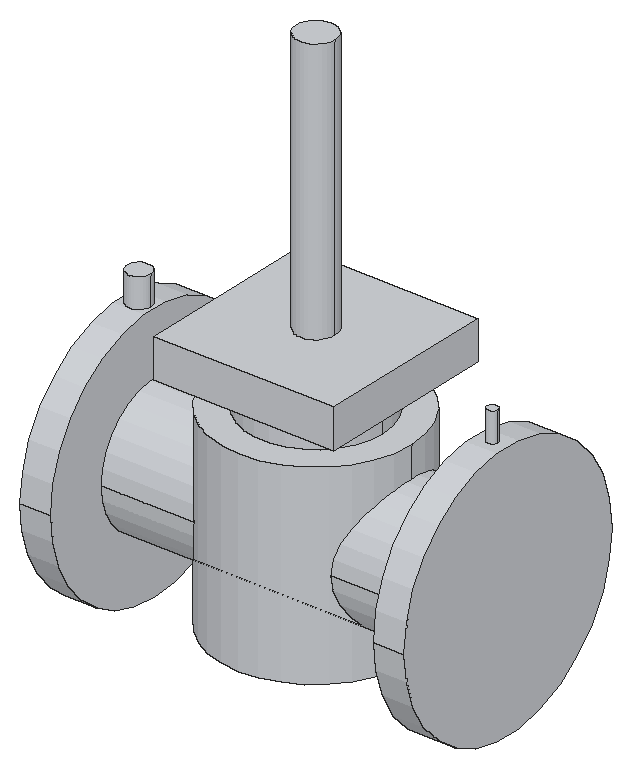
Revit family "OPTIMA_Compact_FLANGE_PN25_DN125-HF_RFA_2019", category Pipe Accessories, Revit 2019
Family settings
  Round Connector Dimension = Use Diameter
  Part Type = Valve - Breaks Into
  Work Plane-Based = No
  Always vertical = Yes
  Cut with Voids When Loaded = No
  Shared = No
Parameters (values of type "Optima Compact Flange PN25 DN125 HF")
  magiProductId = "Frese Optima Flange DN125 HF"
  magiProductFamilyId = "Frese Optima Flange *"
  magiPartTypeId = 304
  isMeasuringValve [instance] = no
  ang2D [instance] = 0.00°
  W2D = 50 mm
  VersionID = "2.0/2018.8.28.1/FRESE_OPTIMA_FLANGE_Q13_002"
  Use Minimum Symbol Size [instance] = yes
  URL = "www.hydronic.cz"
  Type Comments = "Přírubový; PN25; 0~120°C, s měřením"
  R4 = 70 mm
  R3 = 70.2 mm
  R1 = 100 mm
  QmdConnectorList = "301;D;302;D"
  Productdata [instance] = ""
  Manufacturer = "Hydronic Systems Prague s.r.o."
  MC Product Code = "53-1234 (DN125 HF; 40mm; pohon min 1000N; Qmin-dpmin 23000l/h-27.0kPa; Qmax-dpmin 135000l/h-53.0kPa; dpmax 800kPa)"
  MC Piping Given Pressure Drop [instance] = 0.0 Pa
  LF__ve = -LF  # -32 mm
  LF2 = 16 mm
  LF = 32 mm
  L4 = 188 mm
  L3 = 336 mm
  L2D_Min = 3048 mm
  L2D = 230 mm
  L2 = 200 mm
  H6 = 275.5 mm
  H4 = 40.5 mm
  H3 = 33.75 mm
  H2 = 101.25 mm
  H1 = 202.5 mm
  Description = "Tlakově nezávislý 2-cestný regulační vyvažovací ventil (PICV)"
  DF2 = 135 mm
  D = 125 mm
  CAT0 = yes
Types (14, lengths in mm): name | magiProductId | magiProductFamilyId | W2D | Type Comments | R4 | R3 | R1 | MC Product Code | LF__ve | LF2 | LF | L4 | L3 | L2D | L2 | H6 | H4 | H3 | H2 | H1 | DF2 | D
  Optima Compact Flange PN25 DN050 LF | "Frese Optima Flange DN050 LF" | "Frese Optima Flange *" | 50 | "Přírubový; PN25; 0~120°C, s měřením" | 40.3 | 42.9 | 57.5 | "53-1220 (DN50 LF; 20mm; pohon min 1000N; Qmin-dpmin 2500l/h-6.5kPa; Qmax-dpmin 15000l/h-20.0kPa; dpmax 800kPa)" | -18.4 | 9.2 | 18.4 | 108.1 | 193.2 | 230 | 115 | 157.3 | 24.8 | 20.6 | 61.9 | 123.8 | 82.5 | 50
  Optima Compact Flange PN25 DN050 HF | "Frese Optima Flange DN050 HF" | "Frese Optima Flange *" | 50 | "Přírubový; PN25; 0~120°C, s měřením" | 40.25 | 42.9 | 57.5 | "53-1230 (DN50 HF; 20mm; pohon min 1000N; Qmin-dpmin 3900l/h-19.0kPa; Qmax-dpmin 24000l/h-50.0kPa; dpmax 800kPa)" | -18.4 | 9.2 | 18.4 | 108.1 | 193.2 | 230 | 115 | 157.25 | 24.75 | 20.625 | 61.875 | 123.75 | 82.5 | 50
  Optima Compact Flange PN25 DN065 LF | "Frese Optima Flange DN065 LF" | "Frese Optima Flange *" | 50 | "Přírubový; PN25; 0~120°C, s měřením" | 50.75 | 48.1 | 72.5 | "53-1221 (DN65 LF; 20mm; pohon min 1000N; Qmin-dpmin 4400l/h-15.0kPa; Qmax-dpmin 25000l/h-25.0kPa; dpmax 800kPa)" | -23.2 | 11.6 | 23.2 | 136.3 | 243.6 | 230 | 145 | 171.25 | 27.75 | 23.125 | 69.375 | 138.75 | 92.5 | 65
  Optima Compact Flange PN25 DN065 HF | "Frese Optima Flange DN065 HF" | "Frese Optima Flange *" | 50 | "Přírubový; PN25; 0~120°C, s měřením" | 50.75 | 48.1 | 72.5 | "53-1231 (DN65 HF; 20mm; pohon min 1000N; Qmin-dpmin 6000l/h-30.0kPa; Qmax-dpmin 35000l/h-55.0kPa; dpmax 800kPa)" | -23.2 | 11.6 | 23.2 | 136.3 | 243.6 | 230 | 145 | 171.25 | 27.75 | 23.125 | 69.375 | 138.75 | 92.5 | 65
  Optima Compact Flange PN25 DN080 LF | "Frese Optima Flange DN080 LF" | "Frese Optima Flange *" | 50 | "Přírubový; PN25; 0~120°C, s měřením" | 54.25 | 52 | 77.5 | "53-1222 (DN80 LF; 20mm; pohon min 1000N; Qmin-dpmin 5300l/h-16.0kPa; Qmax-dpmin 34000l/h-25.0kPa; dpmax 800kPa)" | -24.8 | 12.4 | 24.8 | 145.7 | 260.4 | 230 | 155 | 183 | 30 | 25 | 75 | 150 | 100 | 80
  Optima Compact Flange PN25 DN080 HF | "Frese Optima Flange DN080 HF" | "Frese Optima Flange *" | 50 | "Přírubový; PN25; 0~120°C, s měřením" | 54.25 | 52 | 77.5 | "53-1232 (DN80 HF; 20mm; pohon min 1000N; Qmin-dpmin 7000l/h-23.0kPa; Qmax-dpmin 43000l/h-50.0kPa; dpmax 800kPa)" | -24.8 | 12.4 | 24.8 | 145.7 | 260.4 | 230 | 155 | 183 | 30 | 25 | 75 | 150 | 100 | 80
  Optima Compact Flange PN25 DN100 LF | "Frese Optima Flange DN100 LF" | "Frese Optima Flange *" | 50 | "Přírubový; PN25; 0~120°C, s měřením" | 61.25 | 61.1 | 87.5 | "53-1223 (DN100 LF; 40mm; pohon min 1000N; Qmin-dpmin 12100l/h-20.0kPa; Qmax-dpmin 68000l/h-35.0kPa; dpmax 800kPa)" | -28 | 14 | 28 | 164.5 | 294 | 230 | 175 | 268.75 | 35.25 | 29.375 | 88.125 | 176.25 | 117.5 | 100
  Optima Compact Flange PN25 DN100 HF | "Frese Optima Flange DN100 HF" | "Frese Optima Flange *" | 50 | "Přírubový; PN25; 0~120°C, s měřením" | 61.25 | 61.1 | 87.5 | "53-1233 (DN100 HF; 40mm; pohon min 1000N; Qmin-dpmin 14800l/h-30.0kPa; Qmax-dpmin 90000l/h-75.0kPa; dpmax 800kPa)" | -28 | 14 | 28 | 164.5 | 294 | 230 | 175 | 268.75 | 35.25 | 29.375 | 88.125 | 176.25 | 117.5 | 100
  Optima Compact Flange PN25 DN125 LF | "Frese Optima Flange DN125 LF" | "Frese Optima Flange *" | 50 | "Přírubový; PN25; 0~120°C, s měřením" | 70 | 70.2 | 100 | "53-1224 (DN125 LF; 40mm; pohon min 1000N; Qmin-dpmin 18500l/h-16.0kPa; Qmax-dpmin 110000l/h-35.0kPa; dpmax 800kPa)" | -32 | 16 | 32 | 188 | 336 | 230 | 200 | 275.5 | 40.5 | 33.75 | 101.25 | 202.5 | 135 | 125
  Optima Compact Flange PN25 DN125 HF | "Frese Optima Flange DN125 HF" | "Frese Optima Flange *" | 50 | "Přírubový; PN25; 0~120°C, s měřením" | 70 | 70.2 | 100 | "53-1234 (DN125 HF; 40mm; pohon min 1000N; Qmin-dpmin 23000l/h-27.0kPa; Qmax-dpmin 135000l/h-53.0kPa; dpmax 800kPa)" | -32 | 16 | 32 | 188 | 336 | 230 | 200 | 275.5 | 40.5 | 33.75 | 101.25 | 202.5 | 135 | 125
  Optima Compact Flange PN25 DN150 LF | "Frese Optima Flange DN150 LF" | "Frese Optima Flange *" | 50 | "Přírubový; PN25; 0~110°C, s měřením" | 84 | 74.1 | 120 | "53-1225 (DN150 LF; 43mm; pohon min 1500N; Qmin-dpmin 25600l/h-21.0kPa; Qmax-dpmin 148000l/h-35.0kPa; dpmax 800kPa)" | -38.4 | 19.2 | 38.4 | 225.6 | 403.2 | 230 | 240 | 279.25 | 42.75 | 35.625 | 106.875 | 213.75 | 142.5 | 150
  Optima Compact Flange PN25 DN150 HF | "Frese Optima Flange DN150 HF" | "Frese Optima Flange *" | 50 | "Přírubový; PN25; 0~110°C, s měřením" | 84 | 74.1 | 120 | "53-1235 (DN150 HF; 43mm; pohon min 1500N; Qmin-dpmin 32000l/h-33.0kPa; Qmax-dpmin 195000l/h-65.0kPa; dpmax 800kPa)" | -38.4 | 19.2 | 38.4 | 225.6 | 403.2 | 230 | 240 | 279.25 | 42.75 | 35.625 | 106.875 | 213.75 | 142.5 | 150
  Optima Compact Flange PN25 DN200 LF | "" | "" | 100 | "Přírubový; PN25; 0~110°C, s měřením" | 164.5 | 98.8 | 235 | "53-1226 (DN200 LF; 43mm; pohon min 1500N; Qmin-dpmin 95000l/h-11.0kPa; Qmax-dpmin 210000l/h-32.0kPa; dpmax 800kPa)" | -48 | 24 | 48 | 282 | 504 | 350 | 300 | 281 | 57 | 15 | 209 | 380 | 190 | 200
  Optima Compact Flange PN25 DN200 HF | "" | "" | 100 | "Přírubový; PN25; 0~110°C, s měřením" | 164.5 | 98.8 | 235 | "53-1236 (DN200 HF; 43mm; pohon min 1500N; Qmin-dpmin 130000l/h-31.0kPa; Qmax-dpmin 280000l/h-78.0kPa; dpmax 800kPa)" | -48 | 24 | 48 | 282 | 504 | 350 | 300 | 281 | 57 | 15 | 209 | 380 | 190 | 200
Reference planes
  plane 1 "Center (Front/Back)": y = 0
  plane 2 "XYPLANE": z = 0
  plane 3 "Center (Left/Right)": x = 0
  plane 4 "157": x = 184
  plane 5 "156": x = -184
  plane 6 "155": z = 135
  plane 7 "154": z = 175.5
  plane 8 "153": z = 135
  plane 9 "152": z = 101.25
  plane 10 "151": x = -168
  plane 11 "150": z = -101.25
  plane 12 "149": x = 0
  plane 13 "148": y = 0
  plane 14 "147": z = 0
  plane 15 "146": x = -200
  plane 16 "145": x = 200
Forms (mm)
  Extrusion 1, solid, visible <- "CAT0"
    sketch origin (-750, 0, 135) x (1, 0, 0) y (0, 1, 0)
      loop
        circle (934, 0) r 5.5
    from 0 to 30
  Extrusion 2, solid, visible <- "CAT0"
    sketch origin (-750, 0, 135) x (1, 0, 0) y (0, 1, 0)
      loop
        circle (566, 0) r 12.3
    from 0 to 30
  Extrusion 3, solid, visible <- "CAT0"
    sketch origin (-750, 0, 175.5) x (1, 0, 0) y (0, 1, 0)
      loop
        circle (750, 0) r 20
    from 0 to 275.5 <- "H6"
  Extrusion 4, solid, visible <- "CAT0"
    sketch origin (-750, 0, 135) x (1, 0, 0) y (0, 1, 0)
      loop
        line (844, 94) -> (656, 94) -> (656, -94) -> (844, -94) -> (844, 94)
    from 0 to 40.5 <- "H4"
  Extrusion 5, solid, visible <- "CAT0"
    sketch origin (-750, 0, 101.25) x (1, 0, 0) y (0, 1, 0)
      loop
        circle (750, 0) r 70
    from 0 to 33.75 <- "H3"
  Extrusion 6, solid, visible <- "CAT0"
    sketch origin (-168, -750, 0) x (0, 1, 0) y (0, 0, 1)
      loop
        circle (750, 0) r 70.2
    from 0 to 336 <- "L3"
  Extrusion 7, solid, visible <- "CAT0"
    sketch origin (-750, 0, -101.25) x (1, 0, 0) y (0, 1, 0)
      loop
        circle (750, 0) r 100
    from 0 to 202.5 <- "H1"
  Extrusion 8, solid, visible <- "CAT0"
    sketch origin (-200, -750, 0) x (0, 1, 0) y (0, 0, 1)
      loop
        circle (750, 0) r 135
    from 0 to 32 <- "LF"
  Extrusion 9, solid, visible <- "CAT0"
    sketch origin (200, -750, 0) x (0, 1, 0) y (0, 0, 1)
      loop
        circle (750, 0) r 135
    from 0 to -32 <- "LF__ve"
  Extrusion 10, solid, not visible
    sketch origin (-200, -750, 0) x (0, 1, 0) y (0, 0, 1)
      loop
        circle (750, 0) r 10
    from 0 to 10
  Extrusion 11, solid, not visible
    sketch origin (200, -750, 0) x (0, 1, 0) y (0, 0, 1)
      loop
        circle (750, 0) r 10
    from 0 to -10
Lines and regions (mm)
  reference lines, not visible
    curve 1: circle (2, 2, 0) r 1 normal (0, 0, 1)
  reference lines
    curve 2: circle (0, 0, 135) r 1 normal (0, 0, 1)
Dimensions and locks
  plane 1 "Center (Front/Back)" to curve 1 = 2 mm
  "LF2": plane 16 "145" to plane 4 "157"
  "LF2": plane 15 "146" to plane 5 "156"
  "DF2": plane 2 "XYPLANE" to plane 6 "155"
  "H4": plane 8 "153" to plane 7 "154"
  "H3": plane 9 "152" to plane 8 "153"
  "H1": plane 11 "150" to plane 9 "152"
  "LF": plane 15 "146" to plane 10 "151"
  "H2": plane 2 "XYPLANE" to plane 11 "150"
  locked: plane 3 "Center (Left/Right)" to plane 12 "149"
  locked: plane 1 "Center (Front/Back)" to plane 13 "148"
  locked: plane 2 "XYPLANE" to plane 14 "147"
  "L2": plane 3 "Center (Left/Right)" to plane 15 "146"
  "L2": plane 3 "Center (Left/Right)" to plane 16 "145"
  equal spacing: Extrusion 4 sketch curve, curve 2, Extrusion 4 sketch curve  (x2)
  "L4": Extrusion 4 sketch curve to Extrusion 4 sketch curve  (x2)
  Extrusion 4 sketch curve to Extrusion 4 sketch curve = 0 mm  (x8)
  "R4": radius of Extrusion 5 sketch curve
  "R3": radius of Extrusion 6 sketch curve
  "R1": radius of Extrusion 7 sketch curve
  "DF2": radius of Extrusion 8 sketch curve
  "DF2": radius of Extrusion 9 sketch curve
  aligned and locked: level to plane 2 "XYPLANE"
  aligned and locked: plane 4 "157" to Extrusion 1 sketch curve
  aligned and locked: plane 13 "148" to Extrusion 1 sketch curve
  aligned and locked: plane 5 "156" to Extrusion 2 sketch curve
  aligned and locked: plane 13 "148" to Extrusion 2 sketch curve
  aligned and locked: plane 12 "149" to Extrusion 3 sketch curve
  aligned and locked: plane 13 "148" to Extrusion 3 sketch curve
  aligned and locked: plane 12 "149" to curve 2
  aligned and locked: plane 13 "148" to curve 2
  aligned and locked: plane 12 "149" to Extrusion 5 sketch curve
  aligned and locked: plane 13 "148" to Extrusion 5 sketch curve
  aligned and locked: Extrusion 6 sketch curve to plane 13 "148"
  aligned and locked: plane 14 "147" to Extrusion 6 sketch curve
  aligned and locked: plane 12 "149" to Extrusion 7 sketch curve
  aligned and locked: plane 13 "148" to Extrusion 7 sketch curve
  aligned and locked: Extrusion 8 sketch curve to plane 13 "148"
  aligned and locked: plane 14 "147" to Extrusion 8 sketch curve
  aligned and locked: Extrusion 9 sketch curve to plane 13 "148"
  aligned and locked: plane 14 "147" to Extrusion 9 sketch curve
  aligned and locked: Extrusion 10 sketch curve to plane 13 "148"
  aligned and locked: plane 14 "147" to Extrusion 10 sketch curve
  aligned and locked: Extrusion 11 sketch curve to plane 13 "148"
  aligned and locked: plane 14 "147" to Extrusion 11 sketch curve
Automatic sketch dimensions
  Extrusion 1 sketch curve to plane 4 "157" = 5.5 mm
  plane 15 "146" to Extrusion 2 sketch curve = 3.7 mm
  Extrusion 3 sketch curve to plane 3 "Center (Left/Right)" = 20 mm
  plane 1 "Center (Front/Back)" to Extrusion 10 sketch curve = 10 mm
  plane 1 "Center (Front/Back)" to Extrusion 11 sketch curve = 10 mm
  plane 3 "Center (Left/Right)" to curve 1 = 2 mm
  plane 10 "151" to Extrusion 4 sketch curve = 74 mm
  plane 1 "Center (Front/Back)" to Extrusion 4 sketch curve = 94 mm
  radius of curve 2 = 1 mm
  radius of curve 1 = 1 mm
Connectors
  piping at (-200, 0, 0), diameter 125, driven by "D"
    settings: on Extrusion 10, index 1, connector inside diameter 609.6 mm, connector length 0 mm, flow factor 0, pipe flow 0.0 L/s, pressure drop 0.0 Pa, fitting loss kfactor 0, connector angle 0.00°, fixture units 0, engagement length 0 mm, angle of deflection 0.00°, flow configuration 0, flow direction 0, fitting loss method 0, system type 29, joint type 0, gender type 0, connector reference index 2, connector utility 0, adjustable connector no, is connector primary yes, connector description ""
  piping at (200, 0, 0), diameter 125, driven by "D"
    settings: on Extrusion 11, index 2, connector inside diameter 609.6 mm, connector length 0 mm, flow factor 0, pipe flow 0.0 L/s, pressure drop 0.0 Pa, fitting loss kfactor 0, connector angle 0.00°, fixture units 0, engagement length 0 mm, angle of deflection 0.00°, flow configuration 0, flow direction 0, fitting loss method 0, system type 29, joint type 0, gender type 0, connector reference index 1, connector utility 0, adjustable connector no, is connector primary no, connector description ""
